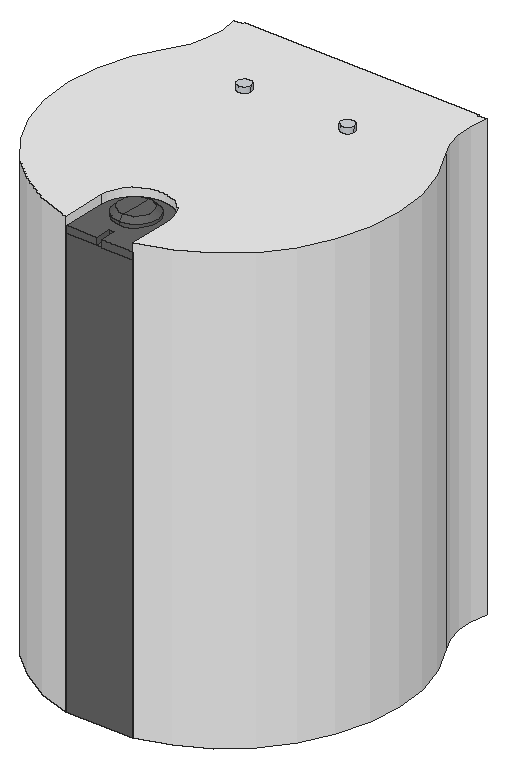
Revit family "Plumbing Fixture_Water Heater_Stiebel Eltron_SHC", category Plumbing Fixtures, Revit 2015
Parameters (values of type "15 AU")
  Waste Connection = no
  Vent Connection = no
  URL = "http://www.stiebel.com.au/"
  Type Name = SHC_320x429x318 : 15 AU
  Type Comments = "Instantaneous Water Heater"  # constant formula
  Model = "SHC 15 AU"
  Manufacturer_URL__Product Specific = ""
  Manufacturer_Spec Code = Model  # "SHC 15 AU"
  Manufacturer_Overall Width = 320 mm
  Manufacturer_Overall Height = 429 mm
  Manufacturer_Overall Depth = 318 mm
  Manufacturer_Height From FFL [instance] = 250 mm
  Manufacturer = "Stiebel Eltron"  # constant formula
  HW Connection = yes
  Description = "Compact Under Sink Point of Use Water Heater - 15 Litre"
  CreatedBy_ANZRS = "IGS - BIM Solutions"  # constant formula
  CreatedByURL_ANZRS = "http://www.igsgroup.com.au/"
  CW Connection = yes
  ApparentLoad_ANZRS = 2400 VA  # constant formula
Types (2, lengths in mm): name | Type Name | Model | Manufacturer_Spec Code | Manufacturer_Overall Width | Manufacturer_Overall Height | Manufacturer_Overall Depth | Description
  10 AU | SHC_280x403x270 : 10 AU | "SHC 10 AU" | "SHC 10 AU" | 280 | 403 | 270 | "Compact Under Sink Point of Use Water Heater - 10 Litre"
  15 AU | SHC_320x429x318 : 15 AU | "SHC 15 AU" | "SHC 15 AU" | 320 | 429 | 318 | "Compact Under Sink Point of Use Water Heater - 15 Litre"
Reference planes
  plane 1 "Center (Front/Back)": y = 0
  plane 2: z = 0
  plane 3 "Center (Left/Right)": x = 0
  plane 4 "Right": x = 160
  plane 5 "Left": x = -160
  plane 6 "Bottom": z = 250
  plane 7 "top": z = 679
  plane 8 "Back": y = 159
  plane 9 "Front": y = -159
  plane 10: y = 79
Forms (mm)
  Extrusion 1, solid
    sketch origin (-1472.5, 159, 1800) x (-1, 0, 0) y (0, 0, 1)
      loop
        circle (-1472.5, -1221) r 3
    from 5.018 to 0
  Extrusion 2, solid
    sketch origin (-1893.299, -1524, 679) x (-1, 0, 0) y (0, -1, 0)
      loop
        circle (-1843.299, -1603) r 6.35
      loop
        circle (-1943.299, -1603) r 6.35
    from 0 to 4.995
  Extrusion 3, solid, material "z_Stiebel Eltron_Black"
    sketch origin (0, 0, 679) x (-1, 0, 0) y (0, -1, 0)
      loop
        line (32.5, 159) -> (-32.5, 159) -> (-32.5, 116.487)
        arc (-32.5, 116.487) -> (0, 83.987) -> (32.5, 116.487) r 32.5
        line (32.5, 116.487) -> (32.5, 159)
    from -429 to -14.206
  Revolve 4, solid, material "z_Stiebel Eltron_Black"
    sketch origin (-0.907, 343.22, 2900) x (0, 1, 0) y (0, 0, 1)
      loop
        line (-456.487, -2228.396) -> (-436.487, -2228.396) -> (-436.487, -2225.614) -> (-441.101, -2221) -> (-456.487, -2221) -> (-456.487, -2228.396)
      axis (-456.487, -2221) -> (-456.487, -2228.396)
    angle from 0 to 360
  Extrusion 5, solid, material "z_Stiebel Eltron_Black"
    sketch origin (0, 0, 679) x (-1, 0, 0) y (0, -1, 0)
      loop
        line (32.5, 159) -> (2.5, 159) -> (2.5, 144) -> (-2.5, 144) -> (-2.5, 159) -> (-32.5, 159) -> (-32.5, 116.487)
        arc (-32.5, 116.487) -> (0, 83.987) -> (32.5, 116.487) r 32.5
        line (32.5, 116.487) -> (32.5, 159)
    from -14.206 to -7.396
Lines and regions (mm)
  Masking region 1
    outline origin (0, 0, 0) x (1, 0, 0) y (0, 1, 0)
      loop
        line (-32.527, -116.487) -> (-32.527, -159) -> (32.527, -159) -> (32.527, -116.487)
        arc (32.527, -116.487) -> (0, -83.96) -> (-32.527, -116.487) r 32.527
  symbolic lines, style "Water Storage", detail levels fine
    curve 1: line (-2.5, -159, 0) -> (2.5, -159, 0)
    curve 2: line (-2.5, -144, 0) -> (-2.5, -159, 0)
    curve 3: line (2.5, -144, 0) -> (-2.5, -144, 0)
    curve 4: line (2.5, -159, 0) -> (2.5, -144, 0)
    curve 7: line (-2.5, 0, 664.794) -> (-2.5, 0, 671.604)
    curve 8: line (2.5, 0, 671.604) -> (2.5, 0, 664.794)
    curve 9: line (16.667, 0, 674.937) -> (16.667, 0, 671.604)
    curve 10: line (16.667, 0, 674.937) -> (-18.482, 0, 674.937)
    curve 11: line (-18.482, 0, 674.937) -> (-18.482, 0, 671.604)
    curve 12: line (-18.482, 0, 674.937) -> (-14.418, 0, 679)
    curve 13: line (16.667, 0, 674.937) -> (12.603, 0, 679)
    curve 14: circle (0, 0, 627.277) r 4 normal (0, -1, 0)
  symbolic lines, style "Water Storage", detail levels medium+fine
    curve 5: line (-2.5, 0, 664.794) -> (2.5, 0, 664.794)
    curve 6: line (32.5, 0, 671.604) -> (-32.5, 0, 671.604)
    curve 15: arc (-0.907, -128.653, 0) -> (-16.293, -113.267, 0) -> (-0.907, -97.881, 0) r 15.386
    curve 16: arc (-0.907, -97.881, 0) -> (14.478, -113.267, 0) -> (-0.907, -128.653, 0) r 15.386
    curve 17: arc (-0.907, -93.267, 0) -> (-20.907, -113.267, 0) -> (-0.907, -133.267, 0) r 20
    curve 18: arc (-0.907, -133.267, 0) -> (19.093, -113.267, 0) -> (-0.907, -93.267, 0) r 20
Text (mm)
  text "\n\n\n\nDisclaimer:\n\nDue to ongoing product development and manufacturing evolution, product details are subject to change without notice.\n\nPlease refer to product technical data sheets on www.stiebel.com.au for the most current product information.\n\nPlease allow a +/- 5mm tolerance for dimensions and set-outs shown in product literature.\n\n© Stiebel Eltron 2016" at (227.693, 239.38, 0), in view "Ref. Level_Instruction"
Dimensions and locks
  "Manufacturer_Height From FFL": plane 6 "Bottom" to plane 2
  equal spacing: plane 9 "Front", plane 1 "Center (Front/Back)", plane 8 "Back"
  "Manufacturer_Overall Depth": plane 8 "Back" to plane 9 "Front"
  equal spacing: plane 5 "Left", plane 3 "Center (Left/Right)", plane 4 "Right"
  "Manufacturer_Overall Width": plane 5 "Left" to plane 4 "Right"
  "Manufacturer_Overall Height": plane 7 "top" to plane 6 "Bottom"
  locked: plane 8 "Back" to plane 10 at 80
  aligned and locked: level to plane 2
  aligned and locked: plane 3 "Center (Left/Right)" to nested 1
  aligned and locked: plane 8 "Back" to nested 1
  aligned and locked: Extrusion 3 to plane 6 "Bottom"
  aligned and locked: plane 7 "top" to nested 1
  aligned and locked: plane 10 to Extrusion 2 sketch curve  (x2)
  aligned and locked: Extrusion 2 to plane 7 "top"
  aligned and locked: Extrusion 1 to plane 8 "Back"
Automatic sketch dimensions
  Extrusion 3 sketch curve to plane 3 "Center (Left/Right)" = 32.5 mm
  plane 9 "Front" to Extrusion 3 sketch curve = 42.513 mm
  Extrusion 3 sketch curve to plane 3 "Center (Left/Right)" = 0 mm
  Extrusion 3 sketch curve to plane 9 "Front" = 0 mm
  Revolve 4 sketch curve to plane 7 "top" = 0 mm  (x2)
  Revolve 4 sketch curve to plane 7 "top" = 7.396 mm
  plane 9 "Front" to Revolve 4 sketch curve = 45.733 mm  (x2)
  Revolve 4 sketch curve to Revolve 4 sketch curve = 15.386 mm
  Revolve 4 sketch curve to Revolve 4 sketch curve = 4.614 mm
  Revolve 4 sketch curve to Revolve 4 sketch curve = 2.782 mm
  Revolve 4 sketch curve to Revolve 4 sketch curve = 67.604 mm
  Extrusion 5 sketch curve to plane 3 "Center (Left/Right)" = 0 mm
  plane 9 "Front" to Extrusion 5 sketch curve = 42.513 mm
  plane 3 "Center (Left/Right)" to Extrusion 5 sketch curve = 2.5 mm
  Extrusion 5 sketch curve to plane 3 "Center (Left/Right)" = 2.5 mm
  plane 9 "Front" to Extrusion 5 sketch curve = 15 mm
  Extrusion 5 sketch curve to Extrusion 5 sketch curve = 32.5 mm
  Extrusion 5 sketch curve to plane 9 "Front" = 0 mm  (x2)
  Masking region 1 sketch curve to plane 3 "Center (Left/Right)" = 0 mm
  Masking region 1 sketch curve to plane 3 "Center (Left/Right)" = 32.527 mm
  plane 9 "Front" to Masking region 1 sketch curve = 42.513 mm
  Masking region 1 sketch curve to plane 9 "Front" = 0 mm
  curve 1 to plane 9 "Front" = 0 mm
  curve 2 to plane 3 "Center (Left/Right)" = 2.5 mm
  plane 3 "Center (Left/Right)" to curve 1 = 2.5 mm
  curve 1 to curve 2 = 15 mm
  curve 12 to plane 7 "top" = 0 mm
  curve 13 to plane 7 "top" = 0 mm
  curve 14 to plane 3 "Center (Left/Right)" = 0 mm
  curve 10 to plane 7 "top" = 4.063 mm
  plane 3 "Center (Left/Right)" to curve 5 = 2.5 mm
  curve 5 to plane 7 "top" = 14.206 mm
  curve 5 to curve 14 = 37.517 mm
  curve 10 to plane 3 "Center (Left/Right)" = 18.482 mm
  curve 8 to curve 13 = 14.167 mm
  curve 9 to curve 9 = 3.333 mm
  curve 5 to plane 3 "Center (Left/Right)" = 2.5 mm
  curve 10 to curve 12 = 4.063 mm
  curve 6 to curve 11 = 14.018 mm
  curve 13 to curve 9 = 4.063 mm
  curve 9 to curve 6 = 15.833 mm
  plane 3 "Center (Left/Right)" to Extrusion 2 sketch curve = 50 mm
  Extrusion 2 sketch curve to plane 3 "Center (Left/Right)" = 50 mm
  Extrusion 1 sketch curve to plane 3 "Center (Left/Right)" = 0 mm
  Extrusion 1 sketch curve to plane 7 "top" = 100 mm
  curve 16 to plane 3 "Center (Left/Right)" = 0.907 mm
  curve 2 to curve 16 = 30.733 mm
  curve 15 to curve 15 = 15.386 mm
  curve 15 to curve 17 = 0 mm  (x2)
  curve 18 to curve 15 = 4.614 mm
  radius of curve 14 = 4 mm
  radius of Extrusion 2 sketch curve = 6.35 mm  (x2)
  radius of Extrusion 1 sketch curve = 3 mm
Nested families
  nested 1: "SHC_320x429x318" at (0, 0, -650), type <- "Type Name", type "15 AU"
    with Manufacturer_Height From FFL 900 mm
Connectors
  electrical at (0, 164.018, 579), driven by "ApparentLoad_ANZRS"
    settings: on Extrusion 1, index 1, voltage 230 V, apparent load 2400 VA, apparent load phase1 0 VA, apparent load phase2 0 VA, apparent load phase3 0 VA, power factor 1, load classification "Power", number of poles 1, system type 30, power factor state 1, is connector primary yes, connector utility no, sub classification motor no, connector description "Electric"
  piping at (-50, 79, 683.995), diameter 12.7, driven by "HW Connection"
    settings: on Extrusion 2, index 2, connector inside diameter 609.6 mm, connector length 0 mm, flow factor 0, pipe flow 0.0 L/s, pressure drop 0.0 Pa, fitting loss kfactor 0, connector angle 0.00°, fixture units 0, engagement length 0 mm, angle of deflection 0.00°, flow configuration 2, flow direction 2, fitting loss method 4, system type 19, joint type 0, gender type 0, connector reference index -1, connector utility 1, adjustable connector no, is connector primary yes, connector description "Hot Water Outlet"
  piping at (50, 79, 683.995), diameter 12.7, driven by "CW Connection"
    settings: on Extrusion 2, index 3, connector inside diameter 609.6 mm, connector length 0 mm, flow factor 0, pipe flow 0.0 L/s, pressure drop 0.0 Pa, fitting loss kfactor 0, connector angle 0.00°, fixture units 0, engagement length 0 mm, angle of deflection 0.00°, flow configuration 2, flow direction 1, fitting loss method 4, system type 20, joint type 0, gender type 0, connector reference index -1, connector utility 1, adjustable connector no, is connector primary no, connector description "Cold Water Inlet"
Definition of nested family "SHC_320x429x318"
  Parameters (values of type "15 AU")
    Waste Connection = no
    Vent Connection = no
    URL = "http://www.stiebel.com.au/"
    Type Comments = "Instantaneous Water Heater"  # constant formula
    Model = ""
    Manufacturer_URL__Product Specific = ""
    Manufacturer_URL_Home Page = "http://www.stiebel.com.au/"
    Manufacturer_Spec Code = Model  # ""
    Manufacturer_Overall Width = 320 mm
    Manufacturer_Overall Height = 429 mm
    Manufacturer_Overall Depth = 318 mm
    Manufacturer_Height From FFL [instance] = 900 mm
    Manufacturer = "Stiebel Eltron"  # constant formula
    HW Connection = no
    Description = ""
    CreatedBy_ANZRS = "IGS - BIM Solutions"  # constant formula
    CreatedByURL_ANZRS = "http://www.igsgroup.com.au/"
    CW Connection = no
    Button  Material = none
    Body Material = none
  Reference planes
    plane 1 "Center (Front/Back)": y = 0
    plane 2: z = 0
    plane 3 "Center (Left/Right)": x = 0
    plane 4 "Bottom": z = 900
    plane 5 "top": z = 1329
    plane 6: x = 160
    plane 7: x = -160
    plane 8: y = 159
    plane 9: y = -159
  Forms (mm)
    Extrusion 1, solid, material <- "Body Material"
      sketch origin (0, 0, 1329) x (-1, 0, 0) y (0, -1, 0)
        loop
          line (113.031, -159) -> (113.031, -157) -> (122.121, -157)
          arc (122.121, -157) -> (120.789, -124.691) -> (132.648, -94.609) r 78.154
          arc (132.648, -94.609) -> (148.613, 58.262) -> (32.527, 159.002) r 166.407
          line (32.527, 159.002) -> (32.527, 116.487)
          arc (32.527, 116.487) -> (0, 83.96) -> (-32.527, 116.487) r 32.527
          line (-32.527, 116.487) -> (-32.527, 159.002)
          arc (-32.527, 159.002) -> (-148.613, 58.262) -> (-132.648, -94.609) r 166.407
          arc (-132.648, -94.609) -> (-120.789, -124.691) -> (-122.121, -157) r 78.154
          line (-122.121, -157) -> (-113.031, -157) -> (-113.031, -159) -> (113.031, -159)
      from -429 to 0
  Lines and regions (mm)
    Masking region 1
      outline origin (0, 0, 0) x (1, 0, 0) y (0, 1, 0)
        loop
          arc (-122.121, 157) -> (-120.789, 124.691) -> (-132.648, 94.609) r 78.154
          arc (-132.648, 94.609) -> (-148.613, -58.262) -> (-32.527, -159.002) r 166.407
          line (-32.527, -159.002) -> (32.527, -159.002)
          arc (32.527, -159.002) -> (148.613, -58.262) -> (132.648, 94.609) r 166.407
          arc (132.648, 94.609) -> (120.789, 124.691) -> (122.121, 157) r 78.154
          line (122.121, 157) -> (113.031, 157) -> (113.031, 159) -> (-113.031, 159) -> (-113.031, 157) -> (-122.121, 157)
    Masking region 2
      outline origin (-1065, 0, 900) x (0, 0, -1) y (1, 0, 0)
        loop
          line (-429, 904.762) -> (0, 904.762) -> (0, 1225.238) -> (-429, 1225.238) -> (-429, 904.762)
    Masking region 3
      outline origin (-112.5, 340, 2900) x (0, 1, 0) y (0, 0, 1)
        loop
          line (-499.002, -1571) -> (-499.002, -2000) -> (-181, -2000) -> (-181, -1571) -> (-499.002, -1571)
    symbolic lines
      curve 1: line (-32.527, 0, 1329) -> (-32.527, 0, 900)
      curve 2: line (32.527, 0, 1329) -> (32.527, 0, 900)
      curve 4: line (-112.5, -83.96, 1329) -> (-112.5, -83.96, 900)
      curve 5: arc (-32.527, -116.487, 0) -> (0, -83.96, 0) -> (32.527, -116.487, 0) r 32.527
      curve 6: line (-32.527, -116.487, 0) -> (-32.527, -159.002, 0)
      curve 7: line (32.527, -116.487, 0) -> (32.527, -159.002, 0)
    symbolic lines, detail levels fine
      curve 3: line (-112.5, 157, 1329) -> (-112.5, 157, 900)
  Dimensions and locks
    "Manufacturer_Height From FFL": plane 4 "Bottom" to plane 2
    "Manufacturer_Overall Height": plane 5 "top" to plane 4 "Bottom"
    "Manufacturer_Overall Depth": plane 8 to plane 9
    "Manufacturer_Overall Width": plane 7 to plane 6
    aligned and locked: level to plane 2
    aligned and locked: Extrusion 1 to plane 4 "Bottom"
  Automatic sketch dimensions
    Extrusion 1 sketch curve to plane 8 = 0 mm
    plane 9 to Extrusion 1 sketch curve = 0.002 mm  (x2)
    Extrusion 1 sketch curve to plane 3 "Center (Left/Right)" = 0 mm
    plane 3 "Center (Left/Right)" to Extrusion 1 sketch curve = 6.169 mm
    plane 3 "Center (Left/Right)" to Extrusion 1 sketch curve = 32.527 mm
    plane 6 to Extrusion 1 sketch curve = 46.969 mm
    Extrusion 1 sketch curve to plane 8 = 2 mm  (x2)
    Extrusion 1 sketch curve to Extrusion 1 sketch curve = 9.09 mm  (x2)
    Extrusion 1 sketch curve to plane 6 = 37.853 mm
    Extrusion 1 sketch curve to plane 1 "Center (Front/Back)" = 2.843 mm  (x2)
    Extrusion 1 sketch curve to plane 3 "Center (Left/Right)" = 6.169 mm
    plane 7 to Extrusion 1 sketch curve = 46.969 mm
    Extrusion 1 sketch curve to plane 7 = 37.853 mm
    Extrusion 1 sketch curve to plane 8 = 21.306 mm  (x2)
    Extrusion 1 sketch curve to Extrusion 1 sketch curve = 42.516 mm
    Masking region 2 sketch curve to plane 5 "top" = 0 mm
    Masking region 2 sketch curve to plane 4 "Bottom" = 0 mm
    Masking region 2 sketch curve to plane 7 = 0.238 mm
    Masking region 2 sketch curve to plane 6 = 0.238 mm
    curve 2 to plane 5 "top" = 0 mm
    curve 1 to plane 5 "top" = 0 mm
    curve 2 to plane 4 "Bottom" = 0 mm
    curve 1 to plane 4 "Bottom" = 0 mm
    curve 1 to plane 3 "Center (Left/Right)" = 32.527 mm
    plane 3 "Center (Left/Right)" to curve 2 = 32.527 mm
    curve 4 to plane 5 "top" = 0 mm
    curve 4 to plane 4 "Bottom" = 0 mm
    plane 4 "Bottom" to curve 3 = 0 mm
    plane 5 "top" to curve 3 = 0 mm
    curve 4 to plane 9 = 75.04 mm
    curve 3 to plane 8 = 2 mm
    Masking region 3 sketch curve to plane 4 "Bottom" = 0 mm
    Masking region 3 sketch curve to plane 5 "top" = 0 mm
    Masking region 3 sketch curve to plane 8 = 0 mm
    plane 9 to Masking region 3 sketch curve = 0.002 mm
    Masking region 1 sketch curve to plane 8 = 0 mm
    Masking region 1 sketch curve to plane 3 "Center (Left/Right)" = 6.169 mm
    plane 7 to Masking region 1 sketch curve = 46.969 mm
    Masking region 1 sketch curve to plane 8 = 2 mm  (x2)
    Masking region 1 sketch curve to Masking region 1 sketch curve = 9.09 mm  (x2)
    Masking region 1 sketch curve to plane 7 = 37.853 mm
    Masking region 1 sketch curve to plane 1 "Center (Front/Back)" = 2.843 mm  (x2)
    plane 3 "Center (Left/Right)" to Masking region 1 sketch curve = 6.169 mm
    plane 6 to Masking region 1 sketch curve = 46.969 mm
    Masking region 1 sketch curve to plane 6 = 37.853 mm
    Masking region 1 sketch curve to Masking region 1 sketch curve = 19.306 mm  (x2)
    plane 9 to Masking region 1 sketch curve = 0.002 mm
    Masking region 1 sketch curve to plane 3 "Center (Left/Right)" = 32.527 mm
    plane 3 "Center (Left/Right)" to Masking region 1 sketch curve = 32.527 mm
    curve 5 to plane 3 "Center (Left/Right)" = 0 mm
    curve 6 to plane 3 "Center (Left/Right)" = 32.527 mm
    curve 6 to plane 9 = 42.513 mm
    plane 9 to curve 7 = 0.002 mm
    plane 9 to curve 6 = 0.002 mm
